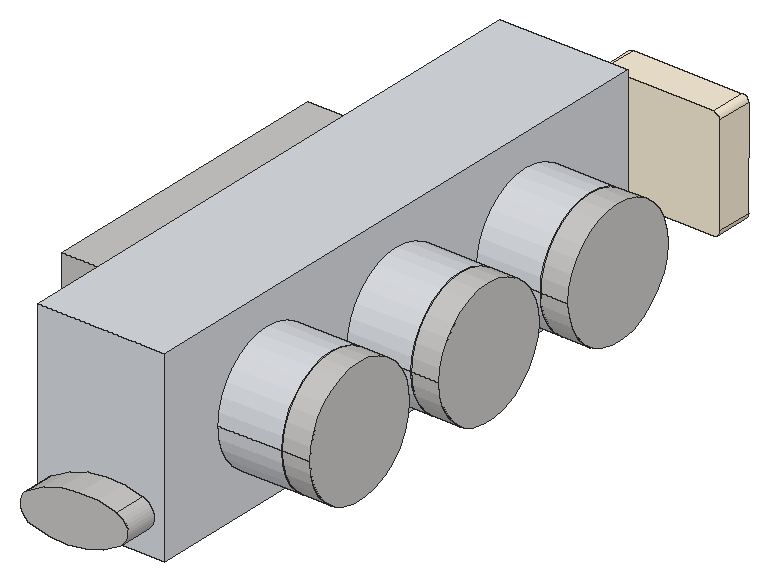
Revit family "HVAC_Ductwork_Airzone_Motorized-Plenum_Daikin_Standard_3-Dampers", category Mechanical Equipment, Revit 2016
Family settings
  Part Type = Normal
  Round Connector Dimension = Use Diameter
  OmniClass Number = 23.75.70.14
  OmniClass Title = Air Ductwork
  Work Plane-Based = No
  Always vertical = Yes
  Cut with Voids When Loaded = No
  Shared = No
  Room Calculation Point = No
Parameters (values of type "DAIST07S3")
  Voltage = 230 V
  URL = "www.airzone.es"
  Type Image Comments = "Image available in product documentation download"  # constant formula
  Revit Model Version = "1.0"  # constant formula
  Revit Model Author URL = "www.a3d.es"
  Revit Model Author = "A3D Consulting"  # constant formula
  Product Documentation Download URL = "http://doc.airzone.es/BIM/Easyzone/Daikin-Airzone_motorized_plenum.zip"
  Product Comments = "Refer to technical documentation for further details"  # constant formula
  Power Factor = 1
  Neck Width = 495.600 mm
  Neck Length = 95.000 mm
  Neck Height = 181.600 mm
  Material = Metal - AIRZONE - Galvanized Sheet - Semi-polished
  Main Control Board Material = Plastic - AIRZONE - Smooth - Off-white
  Load Classification = Other
  Insulated Body Width = 205.000 mm  # constant formula
  Insulated Body Material = Metal -AIRZONE - Insulating Lining -Aluminum Finish
  Insulated Body Length = 930.000 mm  # constant formula
  Insulated Body Height = 300.000 mm  # constant formula
  Flow [instance] = Damper 3 Air Flow + Damper 2 Air Flow + Damper 1 Air Flow - Fresh Air Inlet 2 Flow - Fresh Air Inlet 1 Flow  # 900 m³/h
  Fresh Air Inlet 1 Flow [instance] = 0 m³/h
  Fresh Air Inlet 2 Flow [instance] = 0 m³/h
  Fresh Air Inlet Connection Width = 175.000 mm
  Fresh Air Inlet Connection Height = 75.000 mm
  Model = "DAIST07S3"
  Neck Side Offset = 267.200 mm
  Neck Bottom Offset = 85.200 mm
  Type Image = <None>
  Manufacturer = "AIRZONE"  # constant formula
  Main Control Board Depth = 57.000 mm  # constant formula
  Main Control Board Width = 195.000 mm  # constant formula
  Main Control Board Height = 180.000 mm  # constant formula
  Fixing = ""
  Disclaimer = "All information provided in this model is reviewed before being published. However, Airzone cannot guarantee this model is error-free, therefore users are strongly encouraged to check for technical documentation and updates"  # constant formula
  Description = "Airzone standard motorized plenum with neck that mechanically adapts to the main ducted AC units of Daikin."
  Type Comments = ""
  Dampers Length = 149.000 mm  # constant formula
  Dampers Diameter = 200.000 mm  # constant formula
  Damper 1 Air Flow [instance] = 300 m³/h
  Damper 2 Air Flow [instance] = 300 m³/h
  Damper 3 Air Flow [instance] = 300 m³/h
  Fresh Air Inlet Connection Offset Height = 48.305 mm  # constant formula
  Compatible Accesories = ""
  Apparent Load = 57.5 VA
Types (7, lengths in mm): name | Neck Width | Neck Height | Model | Neck Side Offset | Neck Bottom Offset
  DAIST07S3 | 495.600 | 181.600 | "DAIST07S3" | 267.200 | 85.200
  DAIST07XS3 | 345.600 | 181.600 | "DAIST07XS3" | 342.200 | 85.200
  DAIST06S3 | 714.600 | 196.600 | "DAIST06S3" | 107.700 | 70.200
  DAIST03S3 | 865.200 | 159.800 | "DAIST03S3" | 32.400 | 107.000
  DAIST02S3 | 853.600 | 178.600 | "DAIST02S3" | 52.200 | 38.200
  DAIST01S3 | 467.600 | 222.600 | "DAIST01S3" | 296.200 | 38.700
  DAIST01XS3 | 315.600 | 220.600 | "DAIST01XS3" | 372.200 | 45.200
Reference planes
  plane 1 "Center (Front/Back)": y = 0
  plane 2 "Center (Elevation)": z = 0
  plane 3 "Center (Left/Right)": x = 0
  plane 4 "Neck Back": y = 247.8
  plane 5 "Neck Front": y = -247.8
  plane 6 "Neck Top": z = 90.8
  plane 7 "Neck Bottom": z = -90.8
  plane 8 "Left": x = 95
  plane 9 "Bottom": z = -176
  plane 10 "Top": z = 124
  plane 11 "Front": y = -415
  plane 12 "Back": y = 515
  plane 13 "Right": x = 300
  plane 14 "Dampers Front": x = 449
  plane 15 "Dampers Center (Elevation)": z = -26
  plane 16 "Damper3": y = -210
  plane 17 "Damper2": y = 50
  plane 18 "Damper1": y = 310
  plane 19 "Middle": y = 50
  plane 20 "FreshAir Center (Elevation)": z = -127.695
  plane 21 "FreshAir1": y = 567.5
  plane 22 "FreshAir2": y = -467.5
  plane 23 "Dampers Lining": x = 404
  plane 24 "FreshAir Vertical Axis": x = 195.83
  plane 25 "ConnectionBox Side": x = 254
  plane 26 "Main Control Board Center (Left/Right)": x = 351.5
Forms (mm)
  Extrusion 1, solid, material "Metal - AIRZONE - Galvanized Sheet - Semi-polished" <- "Material"
    sketch origin (0, 0, 0) x (0, 1, 0) y (0, 0, 1)
      loop
        line (-247.8, 90.8) -> (-247.8, -90.8) -> (247.8, -90.8) -> (247.8, 90.8) -> (-247.8, 90.8)
    from 0 to 95
  Extrusion 2, solid, material "Metal -AIRZONE - Insulating Lining -Aluminum Finish" <- "Insulated Body Material"
    sketch origin (95, 0, 0) x (0, 1, 0) y (0, 0, 1)
      loop
        line (-415, 124) -> (-415, -176) -> (515, -176) -> (515, 124) -> (-415, 124)
    from 0 to 205
  Extrusion 3, solid, material "Metal - AIRZONE - Galvanized Sheet - Semi-polished" <- "Material"
    sketch origin (300, 0, 0) x (0, 1, 0) y (0, 0, 1)
      loop
        circle (-210, -26) r 100
    from 104 to 149
  Extrusion 4, solid, material "Metal - AIRZONE - Galvanized Sheet - Semi-polished" <- "Material"
    sketch origin (300, 0, 0) x (0, 1, 0) y (0, 0, 1)
      loop
        circle (50, -26) r 100
    from 104 to 149
  Extrusion 5, solid, material "Metal - AIRZONE - Galvanized Sheet - Semi-polished" <- "Material"
    sketch origin (300, 0, 0) x (0, 1, 0) y (0, 0, 1)
      loop
        circle (310, -26) r 100
    from 104 to 149
  Extrusion 6, solid, material "Metal - AIRZONE - Galvanized Sheet - Semi-polished" <- "Material"
    sketch origin (0, -415, 0) x (0, 0, 1) y (1, 0, 0)
      loop
        arc (-95.141, 265.204) -> (-116.608, 282.105) -> (-141.312, 270.434) r 25.96
        arc (-141.312, 270.434) -> (-167.302, 200.598) -> (-159.849, 126.456) r 164.67
        arc (-159.849, 126.456) -> (-138.665, 109.589) -> (-113.994, 120.751) r 25.96
        arc (-113.994, 120.751) -> (-87.725, 190.78) -> (-95.141, 265.204) r 164.67
    from 0 to -52.5
  Extrusion 7, solid, material "Metal - AIRZONE - Galvanized Sheet - Semi-polished" <- "Material"
    sketch origin (0, 515, 0) x (0, 0, 1) y (1, 0, 0)
      loop
        arc (-95.141, 265.204) -> (-116.325, 282.071) -> (-140.996, 270.909) r 25.96
        arc (-140.996, 270.909) -> (-167.179, 201.53) -> (-160.267, 127.699) r 164.67
        arc (-160.267, 127.699) -> (-139.032, 109.637) -> (-113.678, 121.226) r 25.96
        arc (-113.678, 121.226) -> (-87.688, 191.062) -> (-95.141, 265.204) r 164.67
    from 0 to 52.5
  Extrusion 8, solid, material "Metal -AIRZONE - Insulating Lining -Aluminum Finish" <- "Insulated Body Material"
    sketch origin (300, 0, 0) x (0, 1, 0) y (0, 0, 1)
      loop
        circle (310, -26) r 100
    from 0 to 104
  Extrusion 9, solid, material "Metal -AIRZONE - Insulating Lining -Aluminum Finish" <- "Insulated Body Material"
    sketch origin (300, -260, 0) x (0, 1, 0) y (0, 0, 1)
      loop
        circle (310, -26) r 100
    from 0 to 104
  Extrusion 10, solid, material "Metal -AIRZONE - Insulating Lining -Aluminum Finish" <- "Insulated Body Material"
    sketch origin (300, -520, 0) x (0, 1, 0) y (0, 0, 1)
      loop
        circle (310, -26) r 100
    from 0 to 104
Lines and regions (mm)
  Masking region 1
    outline origin (0, 0, 0) x (1, 0, 0) y (0, 1, 0)
      loop
        line (95, 515) -> (95, -415) -> (300, -415) -> (300, 515) -> (95, 515)
  Masking region 2, detail levels medium+fine
    outline origin (0, 0, 0) x (1, 0, 0) y (0, 1, 0)
      loop
        line (0, 247.8) -> (0, -247.8) -> (95, -247.8) -> (95, 247.8) -> (0, 247.8)
  Masking region 3, detail levels medium+fine
    outline origin (0, 0, 0) x (1, 0, 0) y (0, 1, 0)
      loop
        line (300, -110) -> (300, -310) -> (449, -310) -> (449, -110) -> (300, -110)
  Masking region 4, detail levels medium+fine
    outline origin (0, 260, 0) x (1, 0, 0) y (0, 1, 0)
      loop
        line (300, -110) -> (300, -310) -> (449, -310) -> (449, -110) -> (300, -110)
  Masking region 5, detail levels medium+fine
    outline origin (0, 520, 0) x (1, 0, 0) y (0, 1, 0)
      loop
        line (300, -110) -> (300, -310) -> (449, -310) -> (449, -110) -> (300, -110)
  Masking region 6, detail levels medium+fine
    outline origin (0, 0, -127.695) x (1, 0, 0) y (0, 1, 0)
      loop
        line (108.33, 567.5) -> (108.33, 515) -> (283.33, 515) -> (283.33, 567.5) -> (108.33, 567.5)
  Masking region 7, detail levels medium+fine
    outline origin (0, 0, -127.695) x (1, 0, 0) y (0, 1, 0)
      loop
        line (108.33, -415) -> (108.33, -467.5) -> (283.33, -467.5) -> (283.33, -415) -> (108.33, -415)
  Masking region 8, detail levels medium+fine
    outline origin (0, 0, 124) x (0, -1, 0) y (1, 0, 0)
      loop
        line (-572, 254) -> (-515, 254) -> (-515, 449) -> (-572, 449) -> (-572, 254)
  symbolic lines, detail levels coarse
    curve 1: line (95, -415, 0) -> (300, 50, 0)
    curve 2: line (300, 50, 0) -> (95, 515, 0)
Dimensions and locks
  equal spacing: plane 4 "Neck Back", plane 1 "Center (Front/Back)", plane 5 "Neck Front"
  "Neck Width": plane 4 "Neck Back" to plane 5 "Neck Front"
  equal spacing: plane 6 "Neck Top", level, plane 7 "Neck Bottom"
  "Neck Height": plane 6 "Neck Top" to plane 7 "Neck Bottom"
  "Neck Length": plane 3 "Center (Left/Right)" to plane 8 "Left"
  "Neck Bottom Offset": plane 7 "Neck Bottom" to plane 9 "Bottom"
  "Insulated Body Height": plane 10 "Top" to plane 9 "Bottom"
  "Insulated Body Length": plane 12 "Back" to plane 11 "Front"
  "Insulated Body Width": plane 8 "Left" to plane 13 "Right"
  "Dampers Length": plane 13 "Right" to plane 14 "Dampers Front"
  equal spacing: plane 10 "Top", plane 15 "Dampers Center (Elevation)", plane 9 "Bottom"
  plane 18 "Damper1" to plane 17 "Damper2" to plane 16 "Damper3" = 260.000 mm locked, 260.000 mm locked
  equal spacing: plane 12 "Back", plane 19 "Middle", plane 11 "Front"
  plane 8 "Left" to plane 13 "Right" = 205.000 mm
  "Fresh Air Inlet Connection Offset Height": plane 20 "FreshAir Center (Elevation)" to plane 9 "Bottom"
  locked: Extrusion 6 sketch curve to plane 9 "Bottom" at 56.47
  locked: plane 13 "Right" to Extrusion 6 sketch curve at 43.69
  locked: plane 13 "Right" to Extrusion 6 sketch curve at 164.65
  locked: Extrusion 6 sketch curve to plane 9 "Bottom" at 40.54
  locked: plane 13 "Right" to Extrusion 6 sketch curve at 87.91
  locked: plane 9 "Bottom" to Extrusion 6 sketch curve at 75.01
  locked: plane 13 "Right" to Extrusion 6 sketch curve at 120.43
  locked: Extrusion 6 sketch curve to plane 9 "Bottom" at 172.02
  locked: plane 13 "Right" to Extrusion 7 sketch curve at 43.69
  locked: Extrusion 7 sketch curve to plane 9 "Bottom" at 56.47
  locked: Extrusion 7 sketch curve to plane 9 "Bottom" at 40.54
  locked: plane 13 "Right" to Extrusion 7 sketch curve at 164.65
  locked: plane 13 "Right" to Extrusion 7 sketch curve at 120.43
  locked: Extrusion 7 sketch curve to plane 9 "Bottom" at 172.02
  locked: plane 9 "Bottom" to Extrusion 7 sketch curve at 75.01
  locked: plane 13 "Right" to Extrusion 7 sketch curve at 87.91
  "Neck Side Offset": plane 12 "Back" to plane 4 "Neck Back"
  equal spacing: plane 12 "Back", plane 17 "Damper2", plane 11 "Front"
  locked: plane 21 "FreshAir1" to plane 12 "Back" at 52.5
  plane 11 "Front" to plane 22 "FreshAir2" = 52.500 mm
  locked: connector elem to plane 13 "Right" at 104.17
  locked: plane 20 "FreshAir Center (Elevation)" to connector elem
  locked: plane 13 "Right" to connector elem at 104.17
  locked: connector elem to plane 20 "FreshAir Center (Elevation)"
  locked: plane 23 "Dampers Lining" to plane 14 "Dampers Front" at 45
  locked: plane 24 "FreshAir Vertical Axis" to plane 13 "Right" at 104.17
  equal spacing: Masking region 3 sketch curve, plane 16 "Damper3", Masking region 3 sketch curve
  "Dampers Diameter": Masking region 3 sketch curve to Masking region 3 sketch curve
  equal spacing: Masking region 4 sketch curve, plane 17 "Damper2", Masking region 4 sketch curve
  "Dampers Diameter": Masking region 4 sketch curve to Masking region 4 sketch curve
  equal spacing: Masking region 5 sketch curve, plane 18 "Damper1", Masking region 5 sketch curve
  "Dampers Diameter": Masking region 5 sketch curve to Masking region 5 sketch curve
  equal spacing: Masking region 6 sketch curve, plane 24 "FreshAir Vertical Axis", Masking region 6 sketch curve
  "Fresh Air Inlet Connection Width": Masking region 6 sketch curve to Masking region 6 sketch curve
  equal spacing: Masking region 7 sketch curve, plane 24 "FreshAir Vertical Axis", Masking region 7 sketch curve
  "Fresh Air Inlet Connection Width": Masking region 7 sketch curve to Masking region 7 sketch curve
  "Main Control Board Depth": Masking region 8 sketch curve to plane 12 "Back"
  "Main Control Board Width": plane 25 "ConnectionBox Side" to plane 14 "Dampers Front"
  equal spacing: plane 25 "ConnectionBox Side", plane 26 "Main Control Board Center (Left/Right)", plane 14 "Dampers Front"
  locked: nested 1 to plane 10 "Top" at 10
  "Dampers Diameter": diameter of Extrusion 3 sketch curve
  "Dampers Diameter": diameter of Extrusion 4 sketch curve
  "Dampers Diameter": diameter of Extrusion 5 sketch curve
  radius of Extrusion 7 sketch curve = 164.670 mm  (x2)
  radius of Extrusion 7 sketch curve = 25.960 mm  (x2)
  radius of Extrusion 6 sketch curve = 164.670 mm  (x2)
  radius of Extrusion 6 sketch curve = 25.960 mm  (x2)
  "Dampers Diameter": diameter of Extrusion 8 sketch curve
  "Dampers Diameter": diameter of Extrusion 9 sketch curve
  "Dampers Diameter": diameter of Extrusion 10 sketch curve
  aligned and locked: level to plane 2 "Center (Elevation)"
  aligned and locked: plane 5 "Neck Front" to Extrusion 1 sketch curve
  aligned and locked: Extrusion 1 sketch curve to plane 6 "Neck Top"
  aligned and locked: Extrusion 1 sketch curve to plane 4 "Neck Back"
  aligned and locked: plane 7 "Neck Bottom" to Extrusion 1 sketch curve
  aligned and locked: Extrusion 1 to plane 3 "Center (Left/Right)"
  aligned and locked: Extrusion 2 sketch curve to plane 10 "Top"
  aligned and locked: Extrusion 2 sketch curve to plane 12 "Back"
  aligned and locked: plane 9 "Bottom" to Extrusion 2 sketch curve
  aligned and locked: plane 11 "Front" to Extrusion 2 sketch curve
  aligned and locked: plane 13 "Right" to Extrusion 2
  aligned and locked: Extrusion 2 to plane 8 "Left"
  aligned and locked: plane 16 "Damper3" to Extrusion 3 sketch curve
  aligned and locked: plane 15 "Dampers Center (Elevation)" to Extrusion 3 sketch curve
  aligned and locked: plane 17 "Damper2" to Extrusion 4 sketch curve
  aligned and locked: plane 15 "Dampers Center (Elevation)" to Extrusion 4 sketch curve
  aligned and locked: plane 18 "Damper1" to Extrusion 5 sketch curve
  aligned and locked: plane 15 "Dampers Center (Elevation)" to Extrusion 5 sketch curve
  aligned and locked: plane 14 "Dampers Front" to Extrusion 5
  aligned and locked: plane 14 "Dampers Front" to Extrusion 4
  aligned and locked: plane 14 "Dampers Front" to Extrusion 3
  aligned and locked: plane 8 "Left" to Extrusion 1
  aligned and locked: plane 22 "FreshAir2" to Extrusion 6
  aligned and locked: plane 21 "FreshAir1" to Extrusion 7
  aligned and locked: Extrusion 7 to plane 12 "Back"
  aligned and locked: plane 11 "Front" to Extrusion 6
  aligned and locked: Extrusion 5 to plane 23 "Dampers Lining"
  aligned and locked: Extrusion 5 to Extrusion 4
  aligned and locked: Extrusion 4 to Extrusion 3
  aligned and locked: plane 23 "Dampers Lining" to Extrusion 8
  aligned and locked: Extrusion 10 to plane 13 "Right"
  aligned and locked: plane 23 "Dampers Lining" to Extrusion 10
  aligned and locked: Extrusion 9 to plane 13 "Right"
  aligned and locked: plane 23 "Dampers Lining" to Extrusion 9
  aligned and locked: Extrusion 8 to plane 13 "Right"
  aligned and locked: Extrusion 9 to Extrusion 8
  aligned and locked: plane 18 "Damper1" to Extrusion 8 sketch curve
  aligned and locked: plane 15 "Dampers Center (Elevation)" to Extrusion 8 sketch curve
  aligned and locked: plane 17 "Damper2" to Extrusion 9 sketch curve
  aligned and locked: plane 15 "Dampers Center (Elevation)" to Extrusion 9 sketch curve
  aligned and locked: plane 16 "Damper3" to Extrusion 10 sketch curve
  aligned and locked: plane 15 "Dampers Center (Elevation)" to Extrusion 10 sketch curve
  aligned and locked: Masking region 1 sketch curve to plane 12 "Back"
  aligned and locked: plane 8 "Left" to Masking region 1 sketch curve
  aligned and locked: Masking region 1 sketch curve to plane 13 "Right"
  aligned and locked: plane 11 "Front" to Masking region 1 sketch curve
  aligned and locked: plane 5 "Neck Front" to Masking region 2 sketch curve
  aligned and locked: plane 3 "Center (Left/Right)" to Masking region 2 sketch curve
  aligned and locked: Masking region 2 sketch curve to plane 4 "Neck Back"
  aligned and locked: Masking region 2 sketch curve to plane 8 "Left"
  aligned and locked: plane 13 "Right" to Masking region 3 sketch curve
  aligned and locked: Masking region 3 sketch curve to plane 14 "Dampers Front"
  aligned and locked: plane 13 "Right" to Masking region 4 sketch curve
  aligned and locked: Masking region 4 sketch curve to plane 14 "Dampers Front"
  aligned and locked: plane 13 "Right" to Masking region 5 sketch curve
  aligned and locked: Masking region 5 sketch curve to plane 14 "Dampers Front"
  aligned and locked: plane 12 "Back" to Masking region 6 sketch curve
  aligned and locked: Masking region 6 sketch curve to plane 21 "FreshAir1"
  aligned and locked: Masking region 7 sketch curve to plane 11 "Front"
  aligned and locked: Masking region 7 sketch curve to plane 22 "FreshAir2"
  aligned and locked: plane 12 "Back" to Masking region 8 sketch curve
  aligned and locked: Masking region 8 sketch curve to plane 14 "Dampers Front"
  aligned and locked: plane 25 "ConnectionBox Side" to Masking region 8 sketch curve
  aligned and locked: nested 1 to plane 26 "Main Control Board Center (Left/Right)"
Automatic sketch dimensions
  curve 2 to plane 8 "Left" = 0.000 mm
  curve 1 to plane 8 "Left" = 0.000 mm
  curve 1 to plane 13 "Right" = 0.000 mm
  curve 1 to plane 11 "Front" = 0.000 mm
  curve 2 to plane 17 "Damper2" = 0.000 mm
  curve 2 to plane 12 "Back" = 0.000 mm
Nested families
  nested 1: "Airzone_Main-Control-Board" at (351.5, 515, 24) x (-1, 0, 0) z (0, 1, 0), Extrusion <- "Main Control Board Depth", Height <- "Main Control Board Height", Width <- "Main Control Board Width", Material <- "Main Control Board Material", type "Standard"
    with Width 195.000 mm, Material Plastic - AIRZONE - Smooth - Off-white, Height 180.000 mm, Extrusion 57.000 mm
Connectors
  hvac at (449, -210, -26), driven by "Damper 3 Air Flow", driven by "Dampers Diameter"
    settings: on Extrusion 3, index 1, duct flow 300 m³/h, flow factor 0, pres drop 0.0 Pa, loss coef 0, conn angle 0.00°, conn width 304.8 mm, conn height 304.8 mm, conn diameter 200 mm, duct sys type 1, conn prof type 0, flow config 0, flow direction 2, loss method 0, conn ref index -1, conn util no, is conn primary no, conn desc "Supply Air Out 3"
  hvac at (449, 50, -26), driven by "Damper 2 Air Flow", driven by "Dampers Diameter"
    settings: on Extrusion 4, index 2, duct flow 300 m³/h, flow factor 0, pres drop 0.0 Pa, loss coef 0, conn angle 0.00°, conn width 304.8 mm, conn height 304.8 mm, conn diameter 200 mm, duct sys type 1, conn prof type 0, flow config 0, flow direction 2, loss method 0, conn ref index -1, conn util no, is conn primary no, conn desc "Supply Air Out 2"
  hvac at (449, 310, -26), driven by "Damper 1 Air Flow", driven by "Dampers Diameter"
    settings: on Extrusion 5, index 3, duct flow 300 m³/h, flow factor 0, pres drop 0.0 Pa, loss coef 0, conn angle 0.00°, conn width 304.8 mm, conn height 304.8 mm, conn diameter 200 mm, duct sys type 1, conn prof type 0, flow config 0, flow direction 2, loss method 0, conn ref index -1, conn util no, is conn primary no, conn desc "Supply Air Out 1"
  hvac at (0, 0, 0), driven by "Flow", driven by "Neck Height", driven by "Neck Width"
    settings: on Extrusion 1, index 6, duct flow 900 m³/h, flow factor 0, pres drop 0.0 Pa, loss coef 0, conn angle 0.00°, conn width 495.6 mm, conn height 181.6 mm, conn diameter 609.6 mm, duct sys type 1, conn prof type 1, flow config 1, flow direction 1, loss method 0, conn ref index -1, conn util no, is conn primary yes, conn desc "Supply Air In"
  hvac at (195.83, -467.5, -127.695), driven by "Fresh Air Inlet 2 Flow", driven by "Fresh Air Inlet Connection Width", driven by "Fresh Air Inlet Connection Height"
    settings: index 7, duct flow 0 m³/h, flow factor 0, pres drop 0.0 Pa, loss coef 0, conn angle 0.00°, conn width 175 mm, conn height 75 mm, conn diameter 609.6 mm, duct sys type 1, conn prof type 2, flow config 1, flow direction 1, loss method 0, conn ref index -1, conn util no, is conn primary no, conn desc "Fresh Air In 2"
  hvac at (195.83, 567.5, -127.695), driven by "Fresh Air Inlet 1 Flow", driven by "Fresh Air Inlet Connection Height", driven by "Fresh Air Inlet Connection Width"
    settings: index 8, duct flow 0 m³/h, flow factor 0, pres drop 0.0 Pa, loss coef 0, conn angle 0.00°, conn width 175 mm, conn height 75 mm, conn diameter 609.6 mm, duct sys type 1, conn prof type 2, flow config 1, flow direction 1, loss method 0, conn ref index -1, conn util no, is conn primary no, conn desc "Fresh Air In 1"
  electrical at (351.5, 572, 24), driven by "Load Classification", driven by "Voltage", driven by "Apparent Load", driven by "Power Factor"
    settings: on nested 1, index 9, voltage 230 V, apparent load 57.5 VA, apparent load phase1 0 VA, apparent load phase2 0 VA, apparent load phase3 0 VA, power factor 1, load classification "Other", number of poles 1, system type 30, power factor state 1, is connector primary yes, connector utility no, sub classification motor no, connector description "Power Supply"
Definition of nested family "Airzone_Main-Control-Board"
  Parameters (values of type "Standard")
    Width [instance] = 195.000 mm
    URL = "www.airzone.es"
    Revit Model Version = "1.0"  # constant formula
    Revit Model Author URL = "www.a3d.es"
    Revit Model Author = "A3D Consulting"  # constant formula
    Material [instance] = none
    Manufacturer = "AIRZONE"  # constant formula
    Height [instance] = 180.000 mm
    Extrusion [instance] = 57.000 mm
    Default Elevation = 0.000 mm
  Reference planes
    plane 1 "Center (Front/Back)": y = 0
    plane 2: z = 0
    plane 3 "Center (Left/Right)": x = 0
    plane 4: y = 90
    plane 5: y = -90
    plane 6: x = 97.5
    plane 7: x = -97.5
  Forms (mm)
    Extrusion 1, solid, material <- "Material"
      sketch origin (0, 0, 0) x (1, 0, 0) y (0, 1, 0)
        loop
          arc (-87.5, 90) -> (-94.571, 87.071) -> (-97.5, 80) r 10
          line (-97.5, 80) -> (-97.5, -80)
          arc (-97.5, -80) -> (-94.571, -87.071) -> (-87.5, -90) r 10
          line (-87.5, -90) -> (87.5, -90)
          arc (87.5, -90) -> (94.571, -87.071) -> (97.5, -80) r 10
          line (97.5, -80) -> (97.5, 80)
          arc (97.5, 80) -> (94.571, 87.071) -> (87.5, 90) r 10
          line (87.5, 90) -> (-87.5, 90)
      from 0 to 57 <- "Extrusion"
  Dimensions and locks
    equal spacing: plane 7, plane 3 "Center (Left/Right)", plane 6
    equal spacing: plane 4, plane 1 "Center (Front/Back)", plane 5
    "Width": plane 7 to plane 6
    "Height": plane 4 to plane 5
    radius of Extrusion 1 sketch curve = 10.000 mm  (x4)
    aligned and locked: level to plane 2
    aligned and locked: plane 5 to Extrusion 1 sketch curve
    aligned and locked: Extrusion 1 sketch curve to plane 6
    aligned and locked: Extrusion 1 sketch curve to plane 4
    aligned and locked: plane 7 to Extrusion 1 sketch curve
